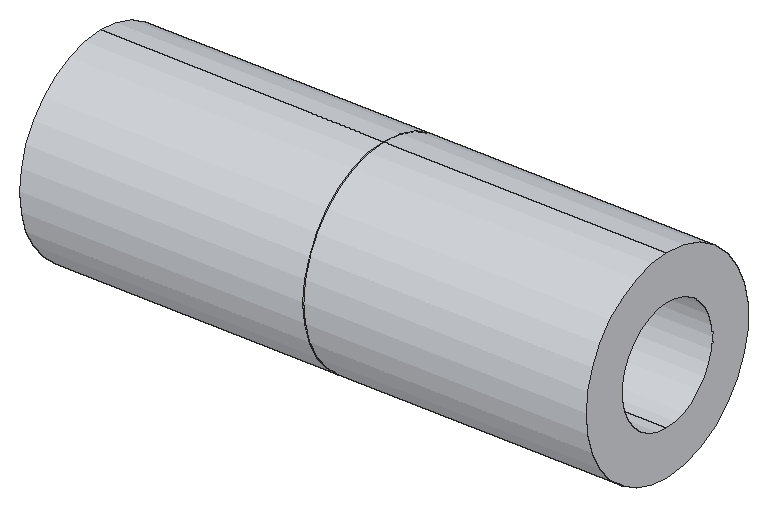
Revit family "TR3106", category Verbindungsmittel, Revit 2021
Family settings
  OmniClass-Nummer = 23.25.10.27.11.21
  OmniClass-Titel = Reinforcement Couplers
  Arbeitsebenenbasiert = Nein
  Immer vertikal = Nein
  Beim Laden mit Abzugskörper schneiden = Nein
  Gemeinsam genutzt = Nein
Parameters (values of type "TR 3106-ø22/18")
  URL = "http//:www.annahuette.com"
  Typenkommentare = "TR 3106 - Reduzier-Kontaktmuffe"
  Typenbild = TR3106.png
  TR3106_Vis = yes
  TR3106-ød = 32 mm
  TR3106-Stab2 = 18 mm
  TR3106-Stab1 = 22 mm
  TR3106-L_Vis = [TR3106-L] = [TR3106-L]  # yes
  TR3106-L2 = 35 mm
  TR3106-L1 = 35 mm
  TR3106-L0 = [TR3106-L] / 2  # 45 mm
  TR3106-L = 90 mm
  Stabgröße 2 = SAS 670 - ø18
  Stabgröße 1 = SAS 670 - ø22
  Modell = "TR 3106"
  Körper = 0.00 kg  # 0,00 kg
  Hersteller = "Stahlwerk Annahütte Max Aicher GmbH Co.KG"
  Gesamtlänge = if([TR3106-L_Vis], [TR3106-L], 0 mm)  # 90 mm
  Endenbearbeitung 2 = Mit Gewinde
  Endenbearbeitung 1 = Mit Gewinde
  Einfassung Stab 2 = if(TR3106_Vis, [TR3106-L2], 0 mm)  # 35 mm
  Einfassung Stab 1 = if(TR3106_Vis, [TR3106-L1], 0 mm)  # 35 mm
  Beschreibung = "TR3106-ø22/18"
  Außendurchmesser = if(TR3106_Vis, [TR3106-ød], 0 mm)  # 32 mm
Types (10, lengths in mm): name | Typenkommentare | TR3106-ød | TR3106-Stab2 | TR3106-Stab1 | TR3106-L2 | TR3106-L1 | TR3106-L0 | TR3106-L | Stabgröße 2 | Stabgröße 1 | Körper | Gesamtlänge | Einfassung Stab 2 | Einfassung Stab 1 | Beschreibung | Außendurchmesser
  (no name) | "TR 3106 - Reduzier-Kontaktmuffe" | 32 | 18 | 22 | 35 | 35 | 45 | 90 | SAS 670 - ø18 | SAS 670 - ø22 | (empty or 0) | 90 | 0.11483 (stored number, unit not read) | 0.11483 (stored number, unit not read) | "TR3106-ø22/18" | 32
  TR 3106-ø22/18 | "TR 3106 - Reduzier-Kontaktmuffe" | 32 | 18 | 22 | 35 | 35 | 45 | 90 | SAS 670 - ø18 | SAS 670 - ø22 | 0,00 kg | 90 | 35 mm | 35 mm | "TR3106-ø22/18" | 32
  TR 3106-ø25/22 | "TR 3106 - Reduzier-Kontaktmuffe" | 40 | 22 | 25 | 35 | 40 | 47.5 | 95 | SAS 670 - ø22 | SAS 670 - ø25 | 0,00 kg | 95 | 35 mm | 40 mm | "TR3106-ø25/22" | 40
  TR 3106-ø28/25 | "TR 3106 - Reduzier-Kontaktmuffe" | 45 | 25 | 28 | 40 | 45 | 55 | 110 | SAS 670 - ø25 | SAS 670 - ø28 | 0,00 kg | 110 | 40 mm | 45 mm | "TR3106-ø28/25" | 45
  TR 3106-ø30/28 | "TR 3106 - Reduzier-Kontaktmuffe" | 45 | 28 | 30 | 45 | 45 | 57.5 | 115 | SAS 670 - ø28 | SAS 670 - ø30 | 0,00 kg | 115 | 45 mm | 45 mm | "TR3106-ø30/28" | 45
  TR 3106-ø35/30 | "TR 3106 - Rduzier-Kontaktmuffe" | 50 | 30 | 35 | 45 | 60 | 67.5 | 135 | SAS 670 - ø30 | SAS 670 - ø35 | 0,00 kg | 135 | 45 mm | 60 mm | "TR3106-ø35/30" | 50
  TR 3106-ø43/35 | "TR 3106 - Reduzier-Kontaktmuffe" | 65 | 35 | 43 | 60 | 80 | 92.5 | 185 | SAS 670 - ø35 | SAS 670 - ø43 | 0,00 kg | 185 | 60 mm | 80 mm | "TR3106-ø43/35" | 65
  TR 3106-ø57,5/50 | "TR 3106 - Reduzier-Kontaktmuffe" | 81 | 50 | 57.5 | 85 | 90 | 110 | 220 | SAS 670 - ø50 | SAS 670 - ø57,5 | 0,00 kg | 220 | 85 mm | 90 mm | "TR3106-ø57,5/50" | 81
  TR 3106-ø63,5/57,5 | "TR 3106 - Reduzier-Kontaktmuffe" | 90 | 57.5 | 63.5 | 90 | 100 | 122.5 | 245 | SAS 670 - ø57,5 | SAS 670 - ø63,5 | 0,00 kg | 245 | 90 mm | 100 mm | "TR3106-ø63,5/57,5" | 90
  TR 3106-ø50/43 | "TR 3106 - Reduzier-Kontaktmuffe" | 70 | 43 | 50 | 80 | 85 | 105 | 210 | SAS 670 - ø43 | SAS 670 - ø50 | 0,00 kg | 210 | 80 mm | 85 mm | "TR3106-ø50/43" | 70
Reference planes
  plane 1: y = 0
  plane 2: z = 0
  plane 3: x = 0
Forms (mm)
  Extrusion 1, solid
    sketch origin (0, 0, 0) x (0, 0, 1) y (0, 1, 0)
      loop
        circle (0, 0) r 11
      loop
        circle (0, 0) r 16
    from 0 to 45
  Extrusion 2, solid
    sketch origin (0, 0, 0) x (0, 0, 1) y (0, -1, 0)
      loop
        circle (0, 0) r 9
      loop
        circle (0, 0) r 16
    from 0 to 45
Dimensions and locks
  "TR3106-L0": plane 3 to Extrusion 2
  "TR3106-L0": Extrusion 1 to plane 3
  "TR3106-Stab1": diameter of Extrusion 1 sketch curve
  "TR3106-ød": diameter of Extrusion 1 sketch curve
  "TR3106-Stab2": diameter of Extrusion 2 sketch curve
  "TR3106-ød": diameter of Extrusion 2 sketch curve
Automatic sketch dimensions
  Extrusion 1 sketch curve to Extrusion 1 sketch curve = 0 mm  (x2)
  Extrusion 1 sketch curve to level = 0 mm
  Extrusion 1 sketch curve to plane 1 = 0 mm
  Extrusion 2 sketch curve to Extrusion 2 sketch curve = 0 mm  (x2)
  Extrusion 2 sketch curve to level = 0 mm
  Extrusion 2 sketch curve to plane 1 = 0 mm
